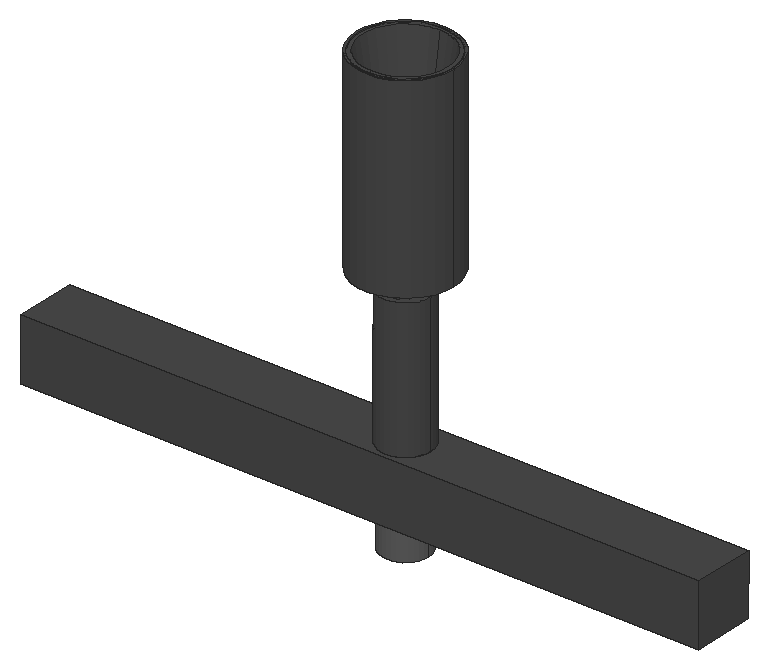
Revit family "Zaniboni-Gem-2-1", category Lighting Fixtures, host Face, Revit 2016
Family settings
  Host = Face
  Part Type = Normal
  Round Connector Dimension = Use Diameter
  Cut with Voids When Loaded = No
  Light Source = Yes
  Shared = No
  Room Calculation Point = No
Parameters (values of type "K0-GEM20-0327A-3C-WS")
  Wattage Comments = "7W"
  Wattage = 9.2903 W
  built-in parameter 1150110 = 1 (stored number, unit not read)
  Voltage = 120 V
  URL = "www.zanibonilighting.com"
  Type Comments = "GEM"  # constant formula
  built-in parameter 1114217 = 1 (stored number, unit not read)
  Tilt Angle = 90.00°
  built-in parameter 1150109 = 1 (stored number, unit not read)
  built-in parameter 1150134 = 3
  built-in parameter 1150113 = 1 (stored number, unit not read)
  Support Finish = ZBN - Metal Matte Black
  Screen Finish = ZBN - Glass
  Photometric Web File = "generic"
  built-in parameter 1150142 = (empty or 0)
  Model = "K0-GEM20-0327A-3C-WS"
  Mechanism Finish = ZBN - Plastic-Black
  Manufacturer = "Zaniboni"  # constant formula
  built-in parameter 1150105 = 109.82 (stored number, unit not read)
  Lumens = 1380 lm
  built-in parameter 1150115 = 1 (stored number, unit not read)
  built-in parameter 1150137 = (empty or 0)
  built-in parameter 1150139 = (empty or 0)
  built-in parameter 1150112 = 1 (stored number, unit not read)
  built-in parameter 1150114 = 1 (stored number, unit not read)
  Keynote = "12500"
  Kelvin = "2700K"
  built-in parameter 1150132 = (empty or 0)
  built-in parameter 1150102 = (empty or 0)
  built-in parameter 1150107 = 3200 (stored number, unit not read)
  built-in parameter 1150138 = (empty or 0)
  built-in parameter 1150106 = 1.0982 (stored number, unit not read)
  Frame Finish = ZBN - Metal Matte Black
  Emit from Circle Diameter = 179/256"
  Emit Shape Visible in Rendering = no
  built-in parameter 1150104 = 13.8 (stored number, unit not read)
  Dist1 = 0"
  Dimming Lamp Color Temperature Shift = <None>
  Diameter = 1"
  Description = "0.7 inch Round Mini-Track"
  Default Elevation = 48"
  Color Filter = 16777215
  CRI = "80"
  Body Finish = ZBN - Metal Matte Black
  Beam = "36°"
  built-in parameter 1114218 = 1 (stored number, unit not read)
  built-in parameter 1150133 = 10 (stored number, unit not read)
  Assembly Code = "E1020300"
Types (2): name | Model | Dist1 | Description
  K0-GEM20-0327A-3C-WS-Adapter | "K0-GEM20-0327A-3C-WS-Adapter" | 1 1/4" | "0.7 inch Round W/Adapter"
  K0-GEM20-0327A-3C-WS | "K0-GEM20-0327A-3C-WS" | 0" | "0.7 inch Round Mini-Track"
Reference planes (in)
  plane 1 "Center (Front/Back)": y = 0
  plane 2: z = 0
  plane 3 "Center (Left/Right)": x = 0
  plane 4: z = 0.62992
  plane 5: z = 0.62992
Forms (in)
  Extrusion 1, solid, material "ZBN - Metal Matte Black" <- "Support Finish"
    sketch origin (0, 0, 0) x (0, 1, 0) y (0, 0, 1)
      loop
        line (0.3189, 0.62992) -> (-0.3189, 0.62992) -> (-0.3189, 0) -> (0.3189, 0) -> (0.3189, 0.62992)
    from -3.70079 to 3.26772
  Extrusion 2, solid, material "ZBN - Plastic-Black" <- "Mechanism Finish"
    sketch origin (0, 0, 0) x (1, 0, 0) y (0, 1, 0)
      loop
        circle (0, 0) r 0.2375
    from -0.35073 to 0
  Extrusion 3, solid, material "ZBN - Metal Matte Black" <- "Body Finish"
    sketch origin (0, 0, 0) x (1, 0, 0) y (0, 1, 0)
      loop
        circle (0, 0) r 0.5
      loop
        circle (0, 0) r 0.47604
    from 2.22776 to 4.22776
  Extrusion 4, solid, material "ZBN - Metal Matte Black" <- "Support Finish"
    sketch origin (0, 0, 0) x (1, 0, 0) y (0, 1, 0)
      loop
        circle (0, 0) r 0.26018
    from 0.62992 to 2.04724
  Extrusion 5, void
    sketch origin (0, 0, 0) x (0, 1, 0) y (0, 0, 1)
      loop
        line (0.19973, 2.09642) -> (-0.19973, 2.09642) -> (-0.19973, 1.69291) -> (0.19973, 1.69291) -> (0.19973, 2.09642)
    from -1.7829 to 0.08858
  Extrusion 6, solid, material "ZBN - Metal Matte Black" <- "Frame Finish"
    sketch origin (0, 0, 0) x (1, 0, 0) y (0, 1, 0)
      loop
        line (-0.15999, 0.11811) -> (-0.15999, -0.11811) -> (0.13772, -0.11811) -> (0.13772, 0.11811) -> (-0.15999, 0.11811)
    from 1.69291 to 2.22776
  Revolve 7, solid, material "ZBN - Metal Matte Black" <- "Frame Finish"
    sketch origin (0, 0, 0) x (0, 1, 0) y (0, 0, 1)
      loop
        line (0.43697, 4.22776) -> (0.34203, 3.62838) -> (0.47578, 3.62838) -> (0.47578, 4.22776) -> (0.43697, 4.22776)
      axis (0, 3.62838) -> (0, 4.22776)
    angle from 0 to 360
  Revolve 8, solid
    sketch origin (0, 0, 0) x (0, 1, 0) y (0, 0, 1)
      loop
        line (0, 3.27799) -> (0, 3.31263) -> (-0.17166, 3.31263)
        arc (-0.17166, 3.31263) -> (-0.26447, 3.44095) -> (-0.30761, 3.59333) r 0.45434
        line (-0.30761, 3.59333) -> (-0.34218, 3.59333)
        arc (-0.34218, 3.59333) -> (-0.28708, 3.42098) -> (-0.1762, 3.27799) r 0.51936
        line (-0.1762, 3.27799) -> (0, 3.27799)
      axis (0, 3.27799) -> (0, 3.59333)
    angle from 0 to 360
  Extrusion 9, solid, material "ZBN - Glass" <- "Screen Finish"
    sketch origin (0, 0, 0) x (1, 0, 0) y (0, 1, 0)
      loop
        circle (0, 0) r 0.34203
    from 3.58901 to 3.62838
  Extrusion 10, solid, material "ZBN - Metal Matte Black" <- "Support Finish"
    sketch origin (0, 0, 0) x (1, 0, 0) y (0, 1, 0)
      loop
        circle (0, 0) r 0.26018
    from 0.58656 to 0.62992
  Extrusion 11, void
    sketch origin (0, 0, 0) x (1, 0, 0) y (0, 1, 0)
      loop
        circle (0, 0) r 0.26018
    from -6.35342 to 0.04508
Cuts and joins
  Extrusion 5 cuts Extrusion 4
Lines and regions (in)
  symbolic lines
    curve 1: circle (0, 0, 0) r 0.26018 normal (0, 0, 1)
    curve 2: circle (0, 0, 0) r 0.2375 normal (0, 0, 1)
Dimensions and locks (in)
  locked: plane 5 to plane 2 at 0.62992
  "Dist1": plane 4 to plane 5
  locked: Extrusion 1 to plane 2 at 0.62992
  locked: Extrusion 3 to Revolve 7 sketch curve at 0.59938
  Revolve 8 sketch curve to Revolve 8 sketch curve to Revolve 8 sketch curve to Extrusion 3 = 0.03464" locked, 0.2807" locked, 0.63443" locked
  Extrusion 9 to Extrusion 9 to Extrusion 3 = 0.03937" locked, 0.59938" locked
  locked: cut or joined group of Extrusion 4, Extrusion 5 to plane 4 at 1.41732
  cut or joined group of Extrusion 4, Extrusion 5 to cut or joined group of Extrusion 4, Extrusion 5 to plane 4 = 0.35433" locked, 1.06299" locked
  Extrusion 6 to Extrusion 6 to plane 4 = 0.53484" locked, 1.06299" locked
  Extrusion 3 to Extrusion 3 to plane 4 = 2" locked, 1.59784" locked
  locked: plane 5 to Extrusion 10 at 0.04336
  aligned and locked: plane 2 to host face
  aligned and locked: level to host face
  aligned and locked: level to Extrusion 2
  aligned and locked: Extrusion 4 to plane 4
  aligned and locked: Revolve 7 sketch curve to Extrusion 3
  aligned and locked: imposter light to Revolve 8
  aligned and locked: plane 4 to Extrusion 10
Automatic sketch dimensions
  host sketch curve to host sketch curve = 96"  (x2)
  Extrusion 1 sketch curve to level = 0"
  Extrusion 1 sketch curve to plane 5 = 0"
  plane 1 "Center (Front/Back)" to Extrusion 1 sketch curve = 0.3189"
  Extrusion 1 sketch curve to plane 1 "Center (Front/Back)" = 0.3189"
  plane 1 "Center (Front/Back)" to Extrusion 2 sketch curve = 0"
  plane 3 "Center (Left/Right)" to Extrusion 2 sketch curve = 0"
  Extrusion 3 sketch curve to Extrusion 3 sketch curve = 0"  (x2)
  plane 1 "Center (Front/Back)" to Extrusion 3 sketch curve = 0"
  Extrusion 3 sketch curve to plane 3 "Center (Left/Right)" = 0"
  plane 1 "Center (Front/Back)" to Extrusion 4 sketch curve = 0"
  Extrusion 4 sketch curve to plane 3 "Center (Left/Right)" = 0"
  plane 1 "Center (Front/Back)" to Extrusion 5 sketch curve = 0.19973"
  Extrusion 5 sketch curve to plane 1 "Center (Front/Back)" = 0.19973"
  plane 4 to Extrusion 5 sketch curve = 1.06299"
  Extrusion 5 sketch curve to Extrusion 5 sketch curve = 0.4035"
  Extrusion 6 sketch curve to plane 3 "Center (Left/Right)" = 0.15999"
  plane 3 "Center (Left/Right)" to Extrusion 6 sketch curve = 0.13772"
  plane 1 "Center (Front/Back)" to Extrusion 6 sketch curve = 0.11811"
  Extrusion 6 sketch curve to plane 1 "Center (Front/Back)" = 0.11811"
  Revolve 7 sketch curve to plane 1 "Center (Front/Back)" = 0"
  Revolve 7 sketch curve to plane 1 "Center (Front/Back)" = 0.34203"
  Revolve 7 sketch curve to plane 1 "Center (Front/Back)" = 0.43697"
  Revolve 7 sketch curve to Revolve 7 sketch curve = 0.13375"
  Revolve 7 sketch curve to Revolve 7 sketch curve = 0"
  Revolve 7 sketch curve to Revolve 7 sketch curve = 0.15062"
  Revolve 8 sketch curve to plane 1 "Center (Front/Back)" = 0"  (x2)
  plane 1 "Center (Front/Back)" to Revolve 8 sketch curve = 0.17166"
  Revolve 8 sketch curve to Revolve 8 sketch curve = 0.00455"
  plane 1 "Center (Front/Back)" to Revolve 8 sketch curve = 0.30761"
  Revolve 8 sketch curve to Revolve 8 sketch curve = 0.03457"
  Revolve 8 sketch curve to plane 1 "Center (Front/Back)" = 0.14443"
  Revolve 8 sketch curve to Revolve 8 sketch curve = 0.02807"
  Revolve 8 sketch curve to Revolve 8 sketch curve = 0"
  Revolve 8 sketch curve to Revolve 8 sketch curve = 0.05646"
  plane 1 "Center (Front/Back)" to Extrusion 9 sketch curve = 0"
  Extrusion 9 sketch curve to plane 3 "Center (Left/Right)" = 0"
  plane 1 "Center (Front/Back)" to Extrusion 10 sketch curve = 0"
  Extrusion 10 sketch curve to plane 3 "Center (Left/Right)" = 0"
  plane 1 "Center (Front/Back)" to Extrusion 11 sketch curve = 0"
  Extrusion 11 sketch curve to plane 3 "Center (Left/Right)" = 0"
  curve 1 to curve 2 = 0"  (x2)
  plane 1 "Center (Front/Back)" to curve 1 = 0"
  curve 1 to plane 3 "Center (Left/Right)" = 0"
  radius of Extrusion 2 sketch curve = 0.2375"
  radius of Extrusion 3 sketch curve = 1/2"
  radius of Extrusion 3 sketch curve = 0.47604"
  radius of Extrusion 4 sketch curve = 0.26018"
  radius of Extrusion 9 sketch curve = 0.34203"
  radius of Extrusion 10 sketch curve = 0.26018"
  radius of Extrusion 11 sketch curve = 0.26018"
  radius of curve 1 = 0.26018"
  radius of curve 2 = 0.2375"
Connectors (in)
  electrical at (0, 0, -0.35073), driven by "Voltage"
    settings: on Extrusion 2, index 1, voltage 120 V, apparent load 0 VA, apparent load phase1 0 VA, apparent load phase2 0 VA, apparent load phase3 0 VA, power factor 1, load classification "Other", number of poles 1, system type 31, power factor state 1, is connector primary yes, connector utility no, sub classification motor no, connector description ""
